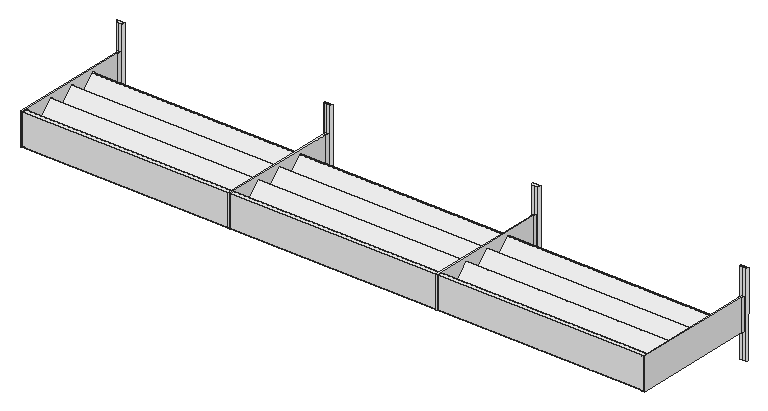
Revit family "Sunshade_Rectangular-CRL-Aluminum-Adjustable", category Specialty Equipment, Revit 2016
Family settings
  Part Type = Normal
  Round Connector Dimension = Use Diameter
  OmniClass Number = 23.25.20.14.11.11
  OmniClass Title = Curtain Wall Components
  Work Plane-Based = No
  Always vertical = Yes
  Cut with Voids When Loaded = No
  Shared = No
  Room Calculation Point = No
Parameters (values of type "24" projection 3 blades")
  infill blade = Sunshade_blade-CRL_AXRC1X6_Rec : Sunshade_blade-CRL_AXRC1X6_Rec
  bracket = Sunshade_Outrigger-CRL_Rectangle_storefront : Sunshade_Outrigger-CRL_Rectangle_storefront
  URL = "http://www.crl-arch.com/index.html"
  Rear Offset = 8"
  Product Page URL = "http://www.crlaurence.com/crlapps/showLine/default.aspx?GroupID=37474&History=39327:37363:47427:37363&pom=0"
  Product Documentation Link = "http://www.crl-arch.com/product_page/architectural_metals/exterior_sun_control_devices.html"
  Outrigger Count = 4
  OA Width = 120"
  Outrigger = 23"
  Model = "components : AW0S2_6, AXRC1X6, AX06 AWSB5US6, AWSB1TC6"
  Manufacturer = "C.R. Laurence - U.S. Aluminum"  # constant formula
  Front Offset = 5"
  Description = "rectangular outrigger with rectangular blades"
  Blade Length = OA Width - 1/2"  # 119 1/2"
  Blade Count = 3
  Assembly Code = "B1020800"
Types (5): name | infill blade | bracket | OA Width | Outrigger | Model | Blade Length | Blade Count
  30" projection 4 blades | Sunshade_blade-CRL_AXRC1X6_Rec : Sunshade_blade-CRL_AXRC1X6_Rec | Sunshade_Outrigger-CRL_Rectangle_storefront : Sunshade_Outrigger-CRL_Rectangle_storefront | 144" | 29" | "sunshade components : AW0S2_6, AXRC1X6, AWSB5US6" | 143 1/2" | 4
  36" projection 5 blades | Sunshade_blade-CRL_AX06_airfoil : Sunshade_blade-CRL_AX06_airfoil | Sunshade_Outrigger-CRL_Rectangle_wallmount : Sunshade_Outrigger-CRL_Rectangle_wallmount | 120" | 35" | "sunshade components : AW0S2_6, AXRC1X6, AWSB5US6" | 119 1/2" | 5
  42" projection 6 blades | Sunshade_blade-CRL_AXRC1X6_Rec : Sunshade_blade-CRL_AXRC1X6_Rec | Sunshade_Outrigger-CRL_Rectangle_storefront : Sunshade_Outrigger-CRL_Rectangle_storefront | 144" | 41" | "sunshade components : AW0S2_6, AXRC1X6, AWSB5US6" | 143 1/2" | 6
  48" projection 7 blades | Sunshade_blade-CRL_AXRC1X6_Rec : Sunshade_blade-CRL_AXRC1X6_Rec | Sunshade_Outrigger-CRL_Rectangle_storefront : Sunshade_Outrigger-CRL_Rectangle_storefront | 144" | 47" | "sunshade components : AW0S2_6, AXRC1X6, AWSB5US6" | 143 1/2" | 7
  24" projection 3 blades | Sunshade_blade-CRL_AXRC1X6_Rec : Sunshade_blade-CRL_AXRC1X6_Rec | Sunshade_Outrigger-CRL_Rectangle_storefront : Sunshade_Outrigger-CRL_Rectangle_storefront | 120" | 23" | "components : AW0S2_6, AXRC1X6, AX06 AWSB5US6, AWSB1TC6" | 119 1/2" | 3
Reference planes (in)
  plane 1 "Back": y = 0
  plane 2: z = 0
  plane 3 "Center (Left/Right)": x = 0
  plane 4: y = -24
  plane 5: x = -60
  plane 6: x = 60
  plane 7: y = -1
  plane 8: x = -59.75
  plane 9: x = 59.75
  plane 10: y = -19
  plane 11: y = -9
Dimensions and locks (in)
  equal spacing: plane 5, plane 3 "Center (Left/Right)", plane 6
  "OA Width": plane 5 to plane 6
  locked: plane 7 to plane 1 "Back" at 1
  "Outrigger": plane 4 to plane 7
  locked: plane 9 to plane 6 at 0.25
  locked: plane 5 to plane 8 at 0.25
  "Front Offset": plane 10 to plane 4
  "Rear Offset": plane 11 to plane 7
  equal spacing: group 1, group 2, group 3  (x3)
  equal spacing: group 4, group 6, group 7, group 5  (x3)
  aligned and locked: plane 2 to level
  aligned and locked: nested 2 to plane 7  (x2)
  aligned and locked: plane 4 to nested 1
  aligned and locked: plane 8 to nested 1
  aligned and locked: nested 3 to plane 8
  aligned and locked: nested 3 to plane 10
  aligned and locked: nested 2 to plane 5
  aligned and locked: plane 6 to nested 6
  aligned and locked: nested 6 to plane 1 "Back"
  aligned and locked: plane 7 to nested 6
  aligned and locked: nested 6 to plane 4
  aligned and locked: nested 5 to plane 11
  aligned and locked: plane 7 to nested 9
  aligned and locked: plane 2 to nested 9
Nested families (in)
  nested 1: "Sunshade_fascia_blade-CRL_AXRC1X6_Rec" at (0, -23.5, 0), Blade Length <- "Blade Length", type "Sunshade Fascia"
    with Blade Length 119 1/2"
  nested 2: "Sunshade_Outrigger-CRL_Rectangle_storefront" at (-59.875, -1, 0), Outrigger Depth <- "Outrigger", type <- "bracket", type "Sunshade_Outrigger-CRL_Rectangle_storefront"
    with Outrigger Depth 23"
  nested 3: "Sunshade_blade-CRL_AXRC1X6_Rec" at (0, -19, 0), Blade Length <- "Blade Length", type <- "infill blade", type "Sunshade_blade-CRL_AXRC1X6_Rec"
    with Blade Length 119 1/2"
  nested 4: "Sunshade_blade-CRL_AXRC1X6_Rec" at (0, -14, 0), Blade Length <- "Blade Length", type <- "infill blade", type "Sunshade_blade-CRL_AXRC1X6_Rec"
    with Blade Length 119 1/2"
  nested 5: "Sunshade_blade-CRL_AXRC1X6_Rec" at (0, -9, 0), Blade Length <- "Blade Length", type <- "infill blade", type "Sunshade_blade-CRL_AXRC1X6_Rec"
    with Blade Length 119 1/2"
  nested 6: "Sunshade_Outrigger-CRL_Rectangle_storefront" at (59.875, -1, 0), Outrigger Depth <- "Outrigger", type <- "bracket", type "Sunshade_Outrigger-CRL_Rectangle_storefront"
    with Outrigger Depth 23"
  nested 7: "Sunshade_Outrigger-CRL_Rectangle_storefront" at (-19.95833, -1, 0), Outrigger Depth <- "Outrigger", type <- "bracket", type "Sunshade_Outrigger-CRL_Rectangle_storefront"
    with Outrigger Depth 23"
  nested 8: "Sunshade_Outrigger-CRL_Rectangle_storefront" at (19.95833, -1, 0), Outrigger Depth <- "Outrigger", type <- "bracket", type "Sunshade_Outrigger-CRL_Rectangle_storefront"
    with Outrigger Depth 23"
  nested 9: "Detail_Item-CRL_Bolts" at (0, -6, 0) x (0, -1, 0) z (1, 0, 0), type "Detail_Item-CRL_Bolts", detail levels fine
Definition of nested family "Sunshade_fascia_blade-CRL_AXRC1X6_Rec"
  Parameters (values of type "Sunshade Fascia")
    URL = "URL: http://www.crl-arch.com/index.html"
    Product Documentation Link = "http://www.crlaurence.com/apps/sitesearch/search.aspx?query=axrc1x6"
    Model = "AXRC1X6"  # constant formula
    Manufacturer = "C.R. Laurence - U.S. Aluminum"  # constant formula
    Height = 0"
    Description = "Rectangular tube blade"
    Blade Length [instance] = 90"
    Assembly Code = "B1020800"
  Reference planes (in)
    plane 1 "Center (Front/Back)": y = 0
    plane 2: z = 0
    plane 3 "Center (Left/Right)": x = 0
    plane 4: x = -45
    plane 5: x = 45
    plane 6: y = -0.5
  Forms (in)
    Extrusion 1, solid
      sketch origin (0, 0, 0) x (0, 0.707107, 0.707107) y (0, -0.707107, 0.707107)
        loop
          arc (-2.45295, -1.74585) -> (-2.46203, -1.76777) -> (-2.45295, -1.78969) r 0.031
          line (-2.45295, -1.78969) -> (-1.78969, -2.45295)
          arc (-1.78969, -2.45295) -> (-1.76777, -2.46203) -> (-1.74585, -2.45295) r 0.031
          line (-1.74585, -2.45295) -> (2.45295, 1.74585)
          arc (2.45295, 1.74585) -> (2.46203, 1.76777) -> (2.45295, 1.78969) r 0.031
          line (2.45295, 1.78969) -> (1.78969, 2.45295)
          arc (1.78969, 2.45295) -> (1.76777, 2.46203) -> (1.74585, 2.45295) r 0.031
          line (1.74585, 2.45295) -> (-2.45295, -1.74585)
      from -45 to 45
  Dimensions and locks (in)
    equal spacing: plane 4, plane 3 "Center (Left/Right)", plane 5
    "Blade Length": plane 4 to plane 5
    aligned and locked: plane 2 to level
    aligned and locked: plane 5 to Extrusion 1
    aligned and locked: Extrusion 1 to plane 4
    aligned and locked: plane 5 to nested 1
    aligned and locked: plane 4 to nested 1
    aligned and locked: plane 1 "Center (Front/Back)" to nested 1
  Automatic sketch dimensions
    plane 1 "Center (Front/Back)" to Extrusion 1 sketch curve = 1/2"
    Extrusion 1 sketch curve to level = 2.969"
    Extrusion 1 sketch curve to Extrusion 1 sketch curve = 0"
    Extrusion 1 sketch curve to Extrusion 1 sketch curve = 0.02192"  (x11)
    Extrusion 1 sketch curve to Extrusion 1 sketch curve = 0.66327"  (x4)
    Extrusion 1 sketch curve to Extrusion 1 sketch curve = 4.1988"  (x2)
  Nested families (in)
    nested 1: "Detail-Item-CRL_AXRC1X6-fascia-plan" at (0, 0, 0), type "Detail-Item-CRL_AXRC1X6-fascia-plan"
      with Blade Length 90"
  Definition of nested family "Detail-Item-CRL_AXRC1X6-fascia-plan"
    Parameters (values of type "Detail-Item-CRL_AXRC1X6-fascia-plan")
      Blade Length [instance] = 24.47982"
    Reference planes (in)
      plane 1 "Center (Front/Back)": y = 0
      plane 2: z = 0
      plane 3 "Center (Left/Right)": x = 0
      plane 4: x = -12.23991
      plane 5: x = 12.23991
    Lines and regions (in)
      detail lines, in view "Ref. Level"
        curve 1: line (-12.23991, 0.5, 0) -> (12.23991, 0.5, 0)
        curve 2: line (-12.23991, -0.5, 0) -> (-12.23991, 0.5, 0)
        curve 3: line (12.23991, -0.5, 0) -> (-12.23991, -0.5, 0)
        curve 4: line (12.23991, 0.5, 0) -> (12.23991, -0.5, 0)
    Dimensions and locks (in)
      equal spacing: plane 4, plane 3 "Center (Left/Right)", plane 5
      "Blade Length": plane 4 to plane 5
      locked: curve 3 to curve 1 at 1
      equal spacing: curve 3, plane 1 "Center (Front/Back)", curve 1
      aligned and locked: plane 4 to curve 2
      aligned and locked: curve 4 to plane 5
Definition of nested family "Sunshade_Outrigger-CRL_Rectangle_storefront"
  Parameters (values of type "Sunshade_Outrigger-CRL_Rectangle_storefront")
    URL = "http://www.crl-arch.com/index.html"
    Product Page URL = "http://www.crlaurence.com/crlapps/showLine/default.aspx?GroupID=37474&History=39327:37363:47427:37363&pom=0"
    Product Documentation Link = "http://www.crlaurence.com/crlapps/showLine/default.aspx?GroupID=49278&History=39327:37363:47427:37363:37474&pom=0"
    Outrigger Width = 6 1/8"
    Outrigger Depth [instance] = 23"
    Model = "AW0S_6"  # constant formula
    Manufacturer = "C.R. Laurence - U.S. Aluminum"  # constant formula
    Description = "outrigger"  # constant formula
  Reference planes (in)
    plane 1 "Center (Front/Back)": y = 0
    plane 2: z = 0
    plane 3 "Center (Left/Right)": x = 0
    plane 4: y = -23
    plane 5: z = 3.0625
    plane 6: z = -3.0625
    plane 7: x = 0.25
    plane 8: x = -0.25
  Forms (in)
    Extrusion 1, solid
      sketch origin (0, 0, 0) x (1, 0, 0) y (0, 0, 1)
        loop
          line (-0.125, 3.0625) -> (-0.125, -3.0625) -> (0.125, -3.0625) -> (0.125, 3.0625) -> (-0.125, 3.0625)
      from 0 to 23
  Lines and regions (in)
    symbolic lines
      curve 1: line (0.125, -23, 0) -> (0.125, 0, 0)
      curve 2: line (0.125, 0, 0) -> (-0.125, 0, 0)
      curve 3: line (-0.125, 0, 0) -> (-0.125, -23, 0)
      curve 4: line (-0.125, -23, 0) -> (0.125, -23, 0)
  Dimensions and locks (in)
    "Outrigger Depth": plane 4 to plane 1 "Center (Front/Back)"
    equal spacing: plane 5, level, plane 6
    "Outrigger Width": plane 5 to plane 6
    locked: plane 8 to plane 3 "Center (Left/Right)" at 0.25
    locked: plane 3 "Center (Left/Right)" to plane 7 at 0.25
    aligned and locked: plane 2 to level
    aligned and locked: Extrusion 1 to plane 1 "Center (Front/Back)"
    aligned and locked: Extrusion 1 to plane 4
    aligned and locked: plane 5 to Extrusion 1
    aligned and locked: Extrusion 1 to plane 6
    aligned and locked: plane 1 "Center (Front/Back)" to nested 1
    aligned and locked: nested 1 to plane 3 "Center (Left/Right)"
    aligned and locked: curve 1 to Extrusion 1
    aligned and locked: curve 2 to Extrusion 1
    aligned and locked: curve 3 to Extrusion 1
    aligned and locked: curve 4 to Extrusion 1
  Automatic sketch dimensions
    Extrusion 1 sketch curve to plane 6 = 0"
    Extrusion 1 sketch curve to plane 5 = 0"
    Extrusion 1 sketch curve to plane 3 "Center (Left/Right)" = 1/8"
    plane 3 "Center (Left/Right)" to Extrusion 1 sketch curve = 1/8"
    curve 3 to plane 4 = 0"
    plane 1 "Center (Front/Back)" to curve 3 = 0"
    curve 3 to plane 3 "Center (Left/Right)" = 1/8"
    plane 3 "Center (Left/Right)" to curve 2 = 1/8"
  Nested families (in)
    nested 1: "bracket_storefront-CRL-Aluminum-6" at (0, 1, 0) x (-1, 0, 0) z (0, 0, 1), type "bracket_storefront-CRL-Aluminum-6"
  Definition of nested family "bracket_storefront-CRL-Aluminum-6"
    Reference planes (in)
      plane 1 "Center (Front/Back)": y = 0
      plane 2: z = 0
      plane 3 "Center (Left/Right)": x = 0
      plane 4: x = -0.25
      plane 5: x = 0.25
      plane 6: z = 3
      plane 7: z = -3
      plane 8: z = 8
      plane 9: z = -8
    Forms (in)
      Extrusion 1, solid
        sketch origin (7.78362, 10.45687, 0.5) x (0, -1, 0) y (1, 0, 0)
          loop
            line (10.06309, -8.34864) -> (10.45687, -8.49197) -> (10.45687, -7.07528) -> (10.06309, -7.2186)
            arc (10.06309, -7.2186) -> (10.03685, -7.23874) -> (10.0269, -7.27028) r 0.055
            line (10.0269, -7.27028) -> (10.0269, -7.78362) -> (10.0269, -8.29696)
            arc (10.0269, -8.29696) -> (10.03685, -8.32851) -> (10.06309, -8.34864) r 0.055
        from -8.5 to 7.5
      Extrusion 2, solid
        sketch origin (-7.75829, -10.13684, 0.5) x (0, 1, 0) y (-1, 0, 0)
          loop
            line (11.13684, -8.00829) -> (11.13684, -7.50829) -> (10.56681, -7.50829) -> (10.56681, -8.00829) -> (11.13684, -8.00829)
        from -3.5 to 2.5
    Lines and regions (in)
      symbolic lines
        curve 1: line (0.51334, 0.42997, 0) -> (0, 0.42997, 0)
        curve 2: line (0, 0.42997, 0) -> (-0.51334, 0.42997, 0)
        curve 3: arc (-0.51334, 0.42997, 0) -> (-0.54488, 0.42002, 0) -> (-0.56502, 0.39378, 0) r 0.055
        curve 4: line (-0.56502, 0.39378, 0) -> (-0.70835, 0, 0)
        curve 5: line (-0.70835, 0, 0) -> (0.70835, 0, 0)
        curve 6: line (0.70835, 0, 0) -> (0.56502, 0.39378, 0)
        curve 7: arc (0.56502, 0.39378, 0) -> (0.54488, 0.42002, 0) -> (0.51334, 0.42997, 0) r 0.055
        curve 8: line (0.25, 0.42997, 0) -> (0.25, 1, 0)
        curve 9: line (0.25, 1, 0) -> (-0.25, 1, 0)
        curve 10: line (-0.25, 1, 0) -> (-0.25, 0.42997, 0)
    Dimensions and locks (in)
      locked: Extrusion 2 sketch curve to Extrusion 2 sketch curve at 0.57003
      locked: Extrusion 2 sketch curve to Extrusion 2 sketch curve at 0.5
      locked: Extrusion 1 sketch curve to Extrusion 1 sketch curve at 0.42997  (x2)
      locked: Extrusion 1 sketch curve to Extrusion 1 sketch curve at 0.41905  (x2)
      locked: Extrusion 1 sketch curve to Extrusion 1 sketch curve at 0.39378  (x2)
      locked: Extrusion 1 sketch curve to Extrusion 1 sketch curve at 0.06309  (x2)
      locked: plane 4 to plane 3 "Center (Left/Right)" at 0.25
      locked: plane 3 "Center (Left/Right)" to plane 5 at 0.25
      locked: plane 6 to plane 2 at 3
      locked: plane 2 to plane 7 at 3
      locked: plane 8 to plane 2 at 8
      locked: plane 2 to plane 9 at 8
      aligned and locked: plane 2 to level
      aligned and locked: Extrusion 2 to Extrusion 1
      aligned and locked: Extrusion 2 to plane 4
      aligned and locked: Extrusion 1 to plane 9
      aligned and locked: plane 8 to Extrusion 1
      aligned and locked: plane 6 to Extrusion 2
      aligned and locked: Extrusion 2 to plane 7
      aligned and locked: curve 1 to Extrusion 1
      aligned and locked: curve 2 to Extrusion 1
      aligned and locked: curve 3 to Extrusion 1
      aligned and locked: curve 4 to Extrusion 1
      aligned and locked: curve 5 to Extrusion 1
      aligned and locked: curve 6 to Extrusion 1
      aligned and locked: curve 7 to Extrusion 1
      aligned and locked: curve 8 to Extrusion 2
      aligned and locked: curve 9 to Extrusion 2
      aligned and locked: curve 10 to Extrusion 2
Definition of nested family "Sunshade_blade-CRL_AXRC1X6_Rec"
  Parameters (values of type "Sunshade_blade-CRL_AXRC1X6_Rec")
    URL = "http://www.crl-arch.com/index.html"
    Product Page URL = "http://www.crlaurence.com/crlapps/showLine/default.aspx?GroupID=37474&History=39327:37363:47427:37363&pom=0"
    Product Documentation Link = "http://www.crlaurence.com/crlapps/showline/offerpage.aspx?Productid=55554&GroupID=37798&History=39327:37363:37474:37782&ModelID=37798#"
    Model = "AXRC1X6"  # constant formula
    Manufacturer = "C.R. Laurence - U.S. Aluminum"  # constant formula
    Height = 0"
    Description = "blade"  # constant formula
    Blade Length [instance] = 90"
  Reference planes (in)
    plane 1 "Center (Front/Back)": y = 0
    plane 2: z = 0
    plane 3 "Center (Left/Right)": x = 0
    plane 4: x = -45
    plane 5: x = 45
  Forms (in)
    Extrusion 1, solid
      sketch origin (0, 0, 0) x (0, 1, 0) y (0, 0, 1)
        loop
          arc (-2.45295, -1.74585) -> (-2.46203, -1.76777) -> (-2.45295, -1.78969) r 0.031
          line (-2.45295, -1.78969) -> (-1.78969, -2.45295)
          arc (-1.78969, -2.45295) -> (-1.76777, -2.46203) -> (-1.74585, -2.45295) r 0.031
          line (-1.74585, -2.45295) -> (2.45295, 1.74585)
          arc (2.45295, 1.74585) -> (2.46203, 1.76777) -> (2.45295, 1.78969) r 0.031
          line (2.45295, 1.78969) -> (1.78969, 2.45295)
          arc (1.78969, 2.45295) -> (1.76777, 2.46203) -> (1.74585, 2.45295) r 0.031
          line (1.74585, 2.45295) -> (-2.45295, -1.74585)
      from -45 to 45
  Dimensions and locks (in)
    equal spacing: plane 4, plane 3 "Center (Left/Right)", plane 5
    "Blade Length": plane 4 to plane 5
    aligned and locked: plane 2 to level
    aligned and locked: plane 5 to Extrusion 1
    aligned and locked: Extrusion 1 to plane 4
    aligned and locked: plane 5 to nested 1
    aligned and locked: plane 4 to nested 1
    aligned and locked: plane 1 "Center (Front/Back)" to nested 1
  Automatic sketch dimensions
    plane 1 "Center (Front/Back)" to Extrusion 1 sketch curve = 2.45295"
    Extrusion 1 sketch curve to Extrusion 1 sketch curve = 0"
    Extrusion 1 sketch curve to Extrusion 1 sketch curve = 0.02192"  (x11)
    Extrusion 1 sketch curve to Extrusion 1 sketch curve = 0.66327"  (x4)
    Extrusion 1 sketch curve to plane 1 "Center (Front/Back)" = 1.74585"
    level to Extrusion 1 sketch curve = 1.78969"
    Extrusion 1 sketch curve to level = 1.74585"
  Nested families (in)
    nested 1: "Detail-Item-CRL_AXRC1X6-blade-plan" at (0, 0, 0), type "Detail-Item-CRL_AXRC1X6-blade-plan"
      with Blade Length 90"
  Definition of nested family "Detail-Item-CRL_AXRC1X6-blade-plan"
    Parameters (values of type "Detail-Item-CRL_AXRC1X6-blade-plan")
      Blade Length [instance] = 24.47982"
    Reference planes (in)
      plane 1 "Center (Front/Back)": y = 0
      plane 2: z = 0
      plane 3 "Center (Left/Right)": x = 0
      plane 4: x = -12.23991
      plane 5: x = 12.23991
    Lines and regions (in)
      detail lines, in view "Ref. Level"
        curve 1: line (-12.23991, 2.46875, 0) -> (12.23991, 2.46875, 0)
        curve 2: line (-12.23991, -2.46875, 0) -> (-12.23991, 2.46875, 0)
        curve 3: line (12.23991, -2.46875, 0) -> (-12.23991, -2.46875, 0)
        curve 4: line (12.23991, 2.46875, 0) -> (12.23991, -2.46875, 0)
    Dimensions and locks (in)
      equal spacing: plane 4, plane 3 "Center (Left/Right)", plane 5
      "Blade Length": plane 4 to plane 5
      locked: curve 3 to curve 1 at 4.9375
      equal spacing: curve 3, plane 1 "Center (Front/Back)", curve 1, locked at 2.46875 each
      aligned and locked: plane 4 to curve 2
      aligned and locked: curve 4 to plane 5
Definition of nested family "Detail_Item-CRL_Bolts"
  Reference planes (in)
    plane 1 "Center (Front/Back)": y = 0
    plane 2: z = 0
    plane 3 "Center (Left/Right)": x = 0
  Lines and regions (in)
    model lines, in view "Ref. Level"
      curve 1: line (0, 3, 0) -> (-5, 3, 0)
      curve 2: line (-5, 3, 0) -> (-5, -3, 0)
      curve 3: line (-5, -3, 0) -> (0, -3, 0)
      curve 4: circle (-4, -2, 0) r 0.406 normal (0, 0, 1)
      curve 5: arc (-3.6514, -2.20812, 0) -> (-3.5, -2, 0) -> (-3.6514, -1.79188, 0) r 0.21875
      curve 6: arc (-4.3486, -1.79188, 0) -> (-4.5, -2, 0) -> (-4.3486, -2.20812, 0) r 0.21875
      curve 7: circle (-1.5, -2, 0) r 0.406 normal (0, 0, 1)
      curve 8: arc (-1.1514, -2.20812, 0) -> (-1, -2, 0) -> (-1.1514, -1.79188, 0) r 0.21875
      curve 9: arc (-1.8486, -1.79188, 0) -> (-2, -2, 0) -> (-1.8486, -2.20812, 0) r 0.21875
      curve 10: circle (-1.5, 2, 0) r 0.406 normal (0, 0, 1)
      curve 11: arc (-1.1514, 1.79188, 0) -> (-1, 2, 0) -> (-1.1514, 2.20812, 0) r 0.21875
      curve 12: arc (-1.8486, 2.20812, 0) -> (-2, 2, 0) -> (-1.8486, 1.79188, 0) r 0.21875
      curve 13: circle (-4, 2, 0) r 0.406 normal (0, 0, 1)
      curve 14: arc (-3.6514, 1.79188, 0) -> (-3.5, 2, 0) -> (-3.6514, 2.20812, 0) r 0.21875
      curve 15: arc (-4.3486, 2.20812, 0) -> (-4.5, 2, 0) -> (-4.3486, 1.79188, 0) r 0.21875
      curve 16: circle (-1.5, -2, 0) r 0.21875 normal (0, 0, 1)
      curve 17: circle (-4, -2, 0) r 0.21875 normal (0, 0, 1)
      curve 18: circle (-1.5, 2, 0) r 0.21875 normal (0, 0, 1)
      curve 19: circle (-4, 2, 0) r 0.21875 normal (0, 0, 1)
      curve 20: arc (-3.84537, -2.10605, 0) -> (-3.8164, -1.96197, 0) -> (-3.90021, -1.84126, 0) r 0.1875
      curve 21: arc (-3.84982, -2.10312, 0) -> (-3.81842, -1.98523, 0) -> (-3.86846, -1.87396, 0) r 0.18218
      curve 22: line (-3.90021, -1.84126, 0) -> (-3.86846, -1.87396, 0)
      curve 23: spline (-3.87744, -2.1419, 0) -> (-3.87647, -2.14049, 0) -> (-3.87551, -2.13906, 0) -> (-3.87456, -2.13762, 0) -> (-3.87364, -2.13617, 0) -> (-3.87272, -2.13472, 0) -> (-3.87182, -2.13325, 0) -> (-3.87094, -2.13177, 0) -> (-3.87007, -2.13028, 0) -> (-3.86921, -2.12878, 0) -> (-3.86837, -2.12727, 0) -> (-3.86755, -2.12575, 0) -> (-3.86674, -2.12422, 0)
      curve 24: line (-3.84982, -2.10312, 0) -> (-3.86674, -2.12422, 0)
      curve 25: line (-4.13326, -2.12422, 0) -> (-4.15018, -2.10312, 0)
      curve 26: spline (-4.13326, -2.12422, 0) -> (-4.13245, -2.12575, 0) -> (-4.13163, -2.12727, 0) -> (-4.13079, -2.12878, 0) -> (-4.12993, -2.13028, 0) -> (-4.12906, -2.13177, 0) -> (-4.12818, -2.13325, 0) -> (-4.12728, -2.13472, 0) -> (-4.12636, -2.13617, 0) -> (-4.12544, -2.13762, 0) -> (-4.12449, -2.13906, 0) -> (-4.12353, -2.14049, 0) -> (-4.12256, -2.1419, 0)
      curve 27: arc (-4.09979, -1.84126, 0) -> (-4.1836, -1.96197, 0) -> (-4.15463, -2.10605, 0) r 0.1875
      curve 28: arc (-4.13154, -1.87396, 0) -> (-4.18158, -1.98523, 0) -> (-4.15018, -2.10312, 0) r 0.18218
      curve 29: line (-4.13154, -1.87396, 0) -> (-4.09979, -1.84126, 0)
      curve 30: arc (-3.85938, -2.24357, 0) -> (-3.75643, -2.14062, 0) -> (-3.71875, -2, 0) r 0.28125
      curve 31: arc (-4.14062, -2.24357, 0) -> (-4, -2.28125, 0) -> (-3.85938, -2.24357, 0) r 0.28125
      curve 32: arc (-4.28125, -2, 0) -> (-4.24357, -2.14062, 0) -> (-4.14062, -2.24357, 0) r 0.28125
      curve 33: arc (-4.14062, -1.75643, 0) -> (-4.24357, -1.85938, 0) -> (-4.28125, -2, 0) r 0.28125
      curve 34: arc (-3.85938, -1.75643, 0) -> (-4, -1.71875, 0) -> (-4.14062, -1.75643, 0) r 0.28125
      curve 35: arc (-3.71875, -2, 0) -> (-3.75643, -1.85938, 0) -> (-3.85938, -1.75643, 0) r 0.28125
      curve 36: arc (-4.15463, -2.10605, 0) -> (-4, -2.1875, 0) -> (-3.84537, -2.10605, 0) r 0.1875
      curve 37: arc (-3.90021, -1.84126, 0) -> (-4, -1.8125, 0) -> (-4.09979, -1.84126, 0) r 0.1875
      curve 38: line (-4.14062, -1.75643, 0) -> (-4, -1.67524, 0)
      curve 39: line (-4, -1.67524, 0) -> (-3.85938, -1.75643, 0)
      curve 40: line (-3.71875, -1.83762, 0) -> (-3.71875, -2, 0)
      curve 41: line (-3.85938, -1.75643, 0) -> (-3.71875, -1.83762, 0)
      curve 42: line (-4.28125, -1.83762, 0) -> (-4.28125, -2, 0)
      curve 43: line (-4.28125, -1.83762, 0) -> (-4.14062, -1.75643, 0)
      curve 44: line (-3.71875, -2.16238, 0) -> (-3.85937, -2.24357, 0)
      curve 45: line (-3.71875, -2, 0) -> (-3.71875, -2.16238, 0)
      curve 46: line (-4.14062, -2.24357, 0) -> (-4.28125, -2.16238, 0)
      curve 47: line (-4.28125, -2, 0) -> (-4.28125, -2.16238, 0)
      curve 48: line (-4, -2.32476, 0) -> (-4.14062, -2.24357, 0)
      curve 49: line (-3.85937, -2.24357, 0) -> (-4, -2.32476, 0)
      curve 50: circle (-4, -2, 0) r 0.15863 normal (0, 0, 1)
      curve 51: arc (-1.34537, -2.10605, 0) -> (-1.3164, -1.96197, 0) -> (-1.40021, -1.84126, 0) r 0.1875
      curve 52: arc (-1.34982, -2.10312, 0) -> (-1.31842, -1.98523, 0) -> (-1.36846, -1.87396, 0) r 0.18218
      curve 53: line (-1.40021, -1.84126, 0) -> (-1.36846, -1.87396, 0)
      curve 54: spline (-1.37744, -2.1419, 0) -> (-1.37647, -2.14049, 0) -> (-1.37551, -2.13906, 0) -> (-1.37456, -2.13762, 0) -> (-1.37364, -2.13617, 0) -> (-1.37272, -2.13472, 0) -> (-1.37182, -2.13325, 0) -> (-1.37094, -2.13177, 0) -> (-1.37007, -2.13028, 0) -> (-1.36921, -2.12878, 0) -> (-1.36837, -2.12727, 0) -> (-1.36755, -2.12575, 0) -> (-1.36674, -2.12422, 0)
      curve 55: line (-1.34982, -2.10312, 0) -> (-1.36674, -2.12422, 0)
      curve 56: line (-1.63326, -2.12422, 0) -> (-1.65018, -2.10312, 0)
      curve 57: spline (-1.63326, -2.12422, 0) -> (-1.63245, -2.12575, 0) -> (-1.63163, -2.12727, 0) -> (-1.63079, -2.12878, 0) -> (-1.62993, -2.13028, 0) -> (-1.62906, -2.13177, 0) -> (-1.62818, -2.13325, 0) -> (-1.62728, -2.13472, 0) -> (-1.62636, -2.13617, 0) -> (-1.62544, -2.13762, 0) -> (-1.62449, -2.13906, 0) -> (-1.62353, -2.14049, 0) -> (-1.62256, -2.1419, 0)
      curve 58: arc (-1.59979, -1.84126, 0) -> (-1.6836, -1.96197, 0) -> (-1.65463, -2.10605, 0) r 0.1875
      curve 59: arc (-1.63154, -1.87396, 0) -> (-1.68158, -1.98523, 0) -> (-1.65018, -2.10312, 0) r 0.18218
      curve 60: line (-1.63154, -1.87396, 0) -> (-1.59979, -1.84126, 0)
      curve 61: arc (-1.35938, -2.24357, 0) -> (-1.25643, -2.14062, 0) -> (-1.21875, -2, 0) r 0.28125
      curve 62: arc (-1.64062, -2.24357, 0) -> (-1.5, -2.28125, 0) -> (-1.35938, -2.24357, 0) r 0.28125
      curve 63: arc (-1.78125, -2, 0) -> (-1.74357, -2.14062, 0) -> (-1.64062, -2.24357, 0) r 0.28125
      curve 64: arc (-1.64062, -1.75643, 0) -> (-1.74357, -1.85938, 0) -> (-1.78125, -2, 0) r 0.28125
      curve 65: arc (-1.35938, -1.75643, 0) -> (-1.5, -1.71875, 0) -> (-1.64062, -1.75643, 0) r 0.28125
      curve 66: arc (-1.21875, -2, 0) -> (-1.25643, -1.85938, 0) -> (-1.35938, -1.75643, 0) r 0.28125
      curve 67: arc (-1.65463, -2.10605, 0) -> (-1.5, -2.1875, 0) -> (-1.34537, -2.10605, 0) r 0.1875
      curve 68: arc (-1.40021, -1.84126, 0) -> (-1.5, -1.8125, 0) -> (-1.59979, -1.84126, 0) r 0.1875
      curve 69: line (-1.64062, -1.75643, 0) -> (-1.5, -1.67524, 0)
      curve 70: line (-1.5, -1.67524, 0) -> (-1.35938, -1.75643, 0)
      curve 71: line (-1.21875, -1.83762, 0) -> (-1.21875, -2, 0)
      curve 72: line (-1.35938, -1.75643, 0) -> (-1.21875, -1.83762, 0)
      curve 73: line (-1.78125, -1.83762, 0) -> (-1.78125, -2, 0)
      curve 74: line (-1.78125, -1.83762, 0) -> (-1.64062, -1.75643, 0)
      curve 75: line (-1.21875, -2.16238, 0) -> (-1.35937, -2.24357, 0)
      curve 76: line (-1.21875, -2, 0) -> (-1.21875, -2.16238, 0)
      curve 77: line (-1.64062, -2.24357, 0) -> (-1.78125, -2.16238, 0)
      curve 78: line (-1.78125, -2, 0) -> (-1.78125, -2.16238, 0)
      curve 79: line (-1.5, -2.32476, 0) -> (-1.64062, -2.24357, 0)
      curve 80: line (-1.35937, -2.24357, 0) -> (-1.5, -2.32476, 0)
      curve 81: circle (-1.5, -2, 0) r 0.15863 normal (0, 0, 1)
      curve 82: arc (-1.34537, 1.89395, 0) -> (-1.3164, 2.03803, 0) -> (-1.40021, 2.15874, 0) r 0.1875
      curve 83: arc (-1.34982, 1.89688, 0) -> (-1.31842, 2.01477, 0) -> (-1.36846, 2.12604, 0) r 0.18218
      curve 84: line (-1.40021, 2.15874, 0) -> (-1.36846, 2.12604, 0)
      curve 85: spline (-1.37744, 1.8581, 0) -> (-1.37647, 1.85951, 0) -> (-1.37551, 1.86094, 0) -> (-1.37456, 1.86238, 0) -> (-1.37364, 1.86383, 0) -> (-1.37272, 1.86528, 0) -> (-1.37182, 1.86675, 0) -> (-1.37094, 1.86823, 0) -> (-1.37007, 1.86972, 0) -> (-1.36921, 1.87122, 0) -> (-1.36837, 1.87273, 0) -> (-1.36755, 1.87425, 0) -> (-1.36674, 1.87578, 0)
      curve 86: line (-1.34982, 1.89688, 0) -> (-1.36674, 1.87578, 0)
      curve 87: line (-1.63326, 1.87578, 0) -> (-1.65018, 1.89688, 0)
      curve 88: spline (-1.63326, 1.87578, 0) -> (-1.63245, 1.87425, 0) -> (-1.63163, 1.87273, 0) -> (-1.63079, 1.87122, 0) -> (-1.62993, 1.86972, 0) -> (-1.62906, 1.86823, 0) -> (-1.62818, 1.86675, 0) -> (-1.62728, 1.86528, 0) -> (-1.62636, 1.86383, 0) -> (-1.62544, 1.86238, 0) -> (-1.62449, 1.86094, 0) -> (-1.62353, 1.85951, 0) -> (-1.62256, 1.8581, 0)
      curve 89: arc (-1.59979, 2.15874, 0) -> (-1.6836, 2.03803, 0) -> (-1.65463, 1.89395, 0) r 0.1875
      curve 90: arc (-1.63154, 2.12604, 0) -> (-1.68158, 2.01477, 0) -> (-1.65018, 1.89688, 0) r 0.18218
      curve 91: line (-1.63154, 2.12604, 0) -> (-1.59979, 2.15874, 0)
      curve 92: arc (-1.35938, 1.75643, 0) -> (-1.25643, 1.85938, 0) -> (-1.21875, 2, 0) r 0.28125
      curve 93: arc (-1.64062, 1.75643, 0) -> (-1.5, 1.71875, 0) -> (-1.35938, 1.75643, 0) r 0.28125
      curve 94: arc (-1.78125, 2, 0) -> (-1.74357, 1.85938, 0) -> (-1.64062, 1.75643, 0) r 0.28125
      curve 95: arc (-1.64062, 2.24357, 0) -> (-1.74357, 2.14062, 0) -> (-1.78125, 2, 0) r 0.28125
      curve 96: arc (-1.35938, 2.24357, 0) -> (-1.5, 2.28125, 0) -> (-1.64062, 2.24357, 0) r 0.28125
      curve 97: arc (-1.21875, 2, 0) -> (-1.25643, 2.14062, 0) -> (-1.35938, 2.24357, 0) r 0.28125
      curve 98: arc (-1.65463, 1.89395, 0) -> (-1.5, 1.8125, 0) -> (-1.34537, 1.89395, 0) r 0.1875
      curve 99: arc (-1.40021, 2.15874, 0) -> (-1.5, 2.1875, 0) -> (-1.59979, 2.15874, 0) r 0.1875
      curve 100: line (-1.64062, 2.24357, 0) -> (-1.5, 2.32476, 0)
      curve 101: line (-1.5, 2.32476, 0) -> (-1.35938, 2.24357, 0)
      curve 102: line (-1.21875, 2.16238, 0) -> (-1.21875, 2, 0)
      curve 103: line (-1.35938, 2.24357, 0) -> (-1.21875, 2.16238, 0)
      curve 104: line (-1.78125, 2.16238, 0) -> (-1.78125, 2, 0)
      curve 105: line (-1.78125, 2.16238, 0) -> (-1.64062, 2.24357, 0)
      curve 106: line (-1.21875, 1.83762, 0) -> (-1.35937, 1.75643, 0)
      curve 107: line (-1.21875, 2, 0) -> (-1.21875, 1.83762, 0)
      curve 108: line (-1.64062, 1.75643, 0) -> (-1.78125, 1.83762, 0)
      curve 109: line (-1.78125, 2, 0) -> (-1.78125, 1.83762, 0)
      curve 110: line (-1.5, 1.67524, 0) -> (-1.64062, 1.75643, 0)
      curve 111: line (-1.35937, 1.75643, 0) -> (-1.5, 1.67524, 0)
      curve 112: circle (-1.5, 2, 0) r 0.15863 normal (0, 0, 1)
      curve 113: arc (-3.84537, 1.89395, 0) -> (-3.8164, 2.03803, 0) -> (-3.90021, 2.15874, 0) r 0.1875
      curve 114: arc (-3.84982, 1.89688, 0) -> (-3.81842, 2.01477, 0) -> (-3.86846, 2.12604, 0) r 0.18218
      curve 115: line (-3.90021, 2.15874, 0) -> (-3.86846, 2.12604, 0)
      curve 116: spline (-3.87744, 1.8581, 0) -> (-3.87647, 1.85951, 0) -> (-3.87551, 1.86094, 0) -> (-3.87456, 1.86238, 0) -> (-3.87364, 1.86383, 0) -> (-3.87272, 1.86528, 0) -> (-3.87182, 1.86675, 0) -> (-3.87094, 1.86823, 0) -> (-3.87007, 1.86972, 0) -> (-3.86921, 1.87122, 0) -> (-3.86837, 1.87273, 0) -> (-3.86755, 1.87425, 0) -> (-3.86674, 1.87578, 0)
      curve 117: line (-3.84982, 1.89688, 0) -> (-3.86674, 1.87578, 0)
      curve 118: line (-4.13326, 1.87578, 0) -> (-4.15018, 1.89688, 0)
      curve 119: spline (-4.13326, 1.87578, 0) -> (-4.13245, 1.87425, 0) -> (-4.13163, 1.87273, 0) -> (-4.13079, 1.87122, 0) -> (-4.12993, 1.86972, 0) -> (-4.12906, 1.86823, 0) -> (-4.12818, 1.86675, 0) -> (-4.12728, 1.86528, 0) -> (-4.12636, 1.86383, 0) -> (-4.12544, 1.86238, 0) -> (-4.12449, 1.86094, 0) -> (-4.12353, 1.85951, 0) -> (-4.12256, 1.8581, 0)
      curve 120: arc (-4.09979, 2.15874, 0) -> (-4.1836, 2.03803, 0) -> (-4.15463, 1.89395, 0) r 0.1875
      curve 121: arc (-4.13154, 2.12604, 0) -> (-4.18158, 2.01477, 0) -> (-4.15018, 1.89688, 0) r 0.18218
      curve 122: line (-4.13154, 2.12604, 0) -> (-4.09979, 2.15874, 0)
      curve 123: arc (-3.85938, 1.75643, 0) -> (-3.75643, 1.85938, 0) -> (-3.71875, 2, 0) r 0.28125
      curve 124: arc (-4.14062, 1.75643, 0) -> (-4, 1.71875, 0) -> (-3.85938, 1.75643, 0) r 0.28125
      curve 125: arc (-4.28125, 2, 0) -> (-4.24357, 1.85938, 0) -> (-4.14062, 1.75643, 0) r 0.28125
      curve 126: arc (-4.14062, 2.24357, 0) -> (-4.24357, 2.14062, 0) -> (-4.28125, 2, 0) r 0.28125
      curve 127: arc (-3.85938, 2.24357, 0) -> (-4, 2.28125, 0) -> (-4.14062, 2.24357, 0) r 0.28125
      curve 128: arc (-3.71875, 2, 0) -> (-3.75643, 2.14062, 0) -> (-3.85938, 2.24357, 0) r 0.28125
      curve 129: arc (-4.15463, 1.89395, 0) -> (-4, 1.8125, 0) -> (-3.84537, 1.89395, 0) r 0.1875
      curve 130: arc (-3.90021, 2.15874, 0) -> (-4, 2.1875, 0) -> (-4.09979, 2.15874, 0) r 0.1875
      curve 131: line (-4.14062, 2.24357, 0) -> (-4, 2.32476, 0)
      curve 132: line (-4, 2.32476, 0) -> (-3.85938, 2.24357, 0)
      curve 133: line (-3.71875, 2.16238, 0) -> (-3.71875, 2, 0)
      curve 134: line (-3.85938, 2.24357, 0) -> (-3.71875, 2.16238, 0)
      curve 135: line (-4.28125, 2.16238, 0) -> (-4.28125, 2, 0)
      curve 136: line (-4.28125, 2.16238, 0) -> (-4.14062, 2.24357, 0)
      curve 137: line (-3.71875, 1.83762, 0) -> (-3.85937, 1.75643, 0)
      curve 138: line (-3.71875, 2, 0) -> (-3.71875, 1.83762, 0)
      curve 139: line (-4.14062, 1.75643, 0) -> (-4.28125, 1.83762, 0)
      curve 140: line (-4.28125, 2, 0) -> (-4.28125, 1.83762, 0)
      curve 141: line (-4, 1.67524, 0) -> (-4.14062, 1.75643, 0)
      curve 142: line (-3.85937, 1.75643, 0) -> (-4, 1.67524, 0)
      curve 143: circle (-4, 2, 0) r 0.15863 normal (0, 0, 1)
      curve 144: line (-1.5, -1.625, 0) -> (-1.5, -2.375, 0)
      curve 145: line (-1.875, -2, 0) -> (-1.125, -2, 0)
      curve 146: line (-4, -1.625, 0) -> (-4, -2.375, 0)
      curve 147: line (-4.375, -2, 0) -> (-3.625, -2, 0)
      curve 148: line (-1.5, 2.375, 0) -> (-1.5, 1.625, 0)
      curve 149: line (-1.875, 2, 0) -> (-1.125, 2, 0)
      curve 150: line (-4, 2.375, 0) -> (-4, 1.625, 0)
      curve 151: line (-4.375, 2, 0) -> (-3.625, 2, 0)
      curve 152: line (0, 3.0625, 0) -> (0, -3.0625, 0)
